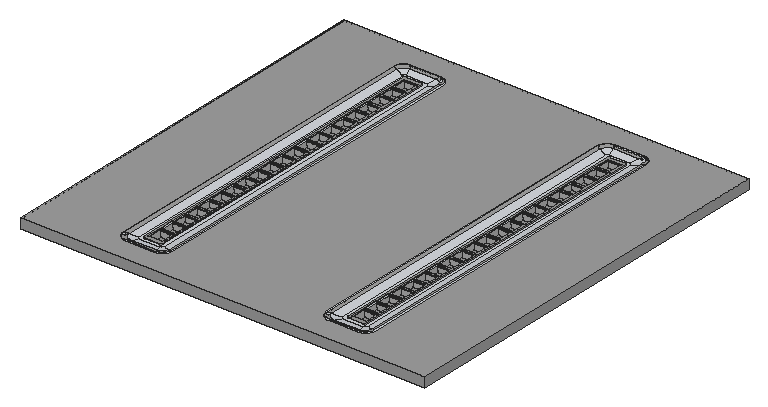
Revit family "0044008 Sylvania Lighting Fixture OptiClip 600 3000K C8 WH CC WHITE", category Lighting Fixtures, host Face, Revit 2016 (continued)
Automatic sketch dimensions
  Blend 25 sketch curve to plane 64 = 4.7 mm
  Extrusion 26 sketch curve to plane 75 = 0 mm
  Extrusion 26 sketch curve to plane 77 = 0 mm
  Extrusion 26 sketch curve to plane 76 = 0 mm
  Extrusion 26 sketch curve to plane 74 = 0 mm
  Extrusion 27 sketch curve to plane 77 = 0 mm
  Extrusion 27 sketch curve to plane 76 = 0 mm
  plane 33 to Extrusion 27 sketch curve = 4.7 mm
  Extrusion 27 sketch curve to plane 32 = 4.7 mm
  Extrusion 28 sketch curve to plane 77 = 0 mm
  Extrusion 28 sketch curve to plane 76 = 0 mm
  plane 35 to Extrusion 28 sketch curve = 4.655 mm
  Extrusion 28 sketch curve to plane 34 = 4.7 mm
  Extrusion 29 sketch curve to plane 77 = 0 mm
  Extrusion 29 sketch curve to plane 76 = 0 mm
  plane 37 to Extrusion 29 sketch curve = 4.745 mm
  Extrusion 29 sketch curve to plane 36 = 4.7 mm
  Extrusion 30 sketch curve to plane 77 = 0 mm
  Extrusion 30 sketch curve to plane 76 = 0 mm
  plane 39 to Extrusion 30 sketch curve = 4.7 mm
  Extrusion 30 sketch curve to plane 38 = 4.7 mm
  Extrusion 31 sketch curve to plane 77 = 0 mm
  Extrusion 31 sketch curve to plane 76 = 0 mm
  plane 41 to Extrusion 31 sketch curve = 4.7 mm
  Extrusion 31 sketch curve to plane 40 = 4.7 mm
  Extrusion 32 sketch curve to plane 77 = 0 mm
  Extrusion 32 sketch curve to plane 76 = 0 mm
  plane 43 to Extrusion 32 sketch curve = 4.7 mm
  Extrusion 32 sketch curve to plane 42 = 4.7 mm
  Extrusion 33 sketch curve to plane 77 = 0 mm
  Extrusion 33 sketch curve to plane 76 = 0 mm
  plane 45 to Extrusion 33 sketch curve = 4.674 mm
  Extrusion 33 sketch curve to plane 44 = 4.7 mm
  Extrusion 34 sketch curve to plane 77 = 0 mm
  Extrusion 34 sketch curve to plane 76 = 0 mm
  plane 47 to Extrusion 34 sketch curve = 4.726 mm
  Extrusion 34 sketch curve to plane 46 = 4.7 mm
  Extrusion 35 sketch curve to plane 77 = 0 mm
  Extrusion 35 sketch curve to plane 76 = 0 mm
  plane 49 to Extrusion 35 sketch curve = 4.7 mm
  Extrusion 35 sketch curve to plane 48 = 4.7 mm
  Extrusion 36 sketch curve to plane 77 = 0 mm
  Extrusion 36 sketch curve to plane 76 = 0 mm
  plane 51 to Extrusion 36 sketch curve = 4.7 mm
  Extrusion 36 sketch curve to plane 50 = 4.7 mm
  Extrusion 37 sketch curve to plane 77 = 0 mm
  Extrusion 37 sketch curve to plane 76 = 0 mm
  plane 53 to Extrusion 37 sketch curve = 4.7 mm
  Extrusion 37 sketch curve to plane 52 = 4.7 mm
  Extrusion 38 sketch curve to plane 77 = 0 mm
  Extrusion 38 sketch curve to plane 76 = 0 mm
  plane 55 to Extrusion 38 sketch curve = 4.7 mm
  Extrusion 38 sketch curve to plane 54 = 4.7 mm
  Extrusion 39 sketch curve to plane 77 = 0 mm
  Extrusion 39 sketch curve to plane 76 = 0 mm
  plane 57 to Extrusion 39 sketch curve = 4.655 mm
  Extrusion 39 sketch curve to plane 56 = 4.7 mm
  Extrusion 40 sketch curve to plane 77 = 0 mm
  Extrusion 40 sketch curve to plane 76 = 0 mm
  plane 59 to Extrusion 40 sketch curve = 4.745 mm
  Extrusion 40 sketch curve to plane 58 = 4.7 mm
  Extrusion 41 sketch curve to plane 77 = 0 mm
  Extrusion 41 sketch curve to plane 76 = 0 mm
  plane 61 to Extrusion 41 sketch curve = 4.7 mm
  Extrusion 41 sketch curve to plane 60 = 4.7 mm
  Extrusion 42 sketch curve to plane 77 = 0 mm
  Extrusion 42 sketch curve to plane 76 = 0 mm
  plane 63 to Extrusion 42 sketch curve = 4.7 mm
  Extrusion 42 sketch curve to plane 62 = 4.7 mm
  Extrusion 43 sketch curve to plane 77 = 0 mm
  Extrusion 43 sketch curve to plane 76 = 0 mm
  plane 65 to Extrusion 43 sketch curve = 4.7 mm
  Extrusion 43 sketch curve to plane 64 = 4.7 mm
  Extrusion 44 sketch curve to plane 77 = 0 mm
  Extrusion 44 sketch curve to plane 76 = 0 mm
  plane 67 to Extrusion 44 sketch curve = 4.7 mm
  Extrusion 44 sketch curve to plane 66 = 4.7 mm
  Extrusion 45 sketch curve to plane 77 = 0 mm
  Extrusion 45 sketch curve to plane 76 = 0 mm
  plane 69 to Extrusion 45 sketch curve = 4.7 mm
  Extrusion 45 sketch curve to plane 68 = 4.7 mm
  Extrusion 46 sketch curve to plane 77 = 0 mm
  Extrusion 46 sketch curve to plane 76 = 0 mm
  plane 71 to Extrusion 46 sketch curve = 4.7 mm
  Extrusion 46 sketch curve to plane 70 = 4.7 mm
  plane 25 to Blend 47 sketch curve = 2.5 mm  (x2)
  plane 3 "Center (Left/Right)" to Blend 47 sketch curve = 114 mm
  Blend 47 sketch curve to plane 24 = 1 mm
  Blend 47 sketch curve to Blend 47 sketch curve = 15 mm  (x2)
  Blend 47 sketch curve to Blend 47 sketch curve = 42 mm  (x2)
  plane 20 to Blend 47 sketch curve = 0 mm
  plane 80 to Blend 47 sketch curve = 2 mm  (x2)
  plane 3 "Center (Left/Right)" to Blend 47 sketch curve = 130.5 mm
  plane 25 to Blend 47 sketch curve = 1 mm
  Blend 47 sketch curve to plane 81 = 2.155 mm
  Blend 47 sketch curve to Blend 47 sketch curve = 4 mm
  Blend 47 sketch curve to Blend 47 sketch curve = 30.692 mm
  Blend 47 sketch curve to Blend 47 sketch curve = 0.297 mm
  Blend 47 sketch curve to plane 81 = 2.222 mm
  Blend 47 sketch curve to Blend 47 sketch curve = 3.933 mm
  plane 24 to Blend 48 sketch curve = 0 mm
  plane 22 to Blend 48 sketch curve = 0 mm
  Blend 48 sketch curve to plane 20 = 1.5 mm  (x2)
  plane 25 to Blend 48 sketch curve = 2.5 mm  (x2)
  Blend 48 sketch curve to plane 10 = 110 mm
  Blend 48 sketch curve to Blend 48 sketch curve = 42 mm
  plane 26 to Blend 48 sketch curve = 0 mm
  plane 25 to Blend 48 sketch curve = 0 mm
  Blend 48 sketch curve to plane 81 = 2.155 mm  (x2)
  Blend 48 sketch curve to plane 81 = 2.066 mm
  plane 80 to Blend 48 sketch curve = 2 mm  (x2)
  Blend 48 sketch curve to plane 10 = 126.5 mm
  Blend 48 sketch curve to Blend 48 sketch curve = 3.014 mm
  Blend 48 sketch curve to Blend 48 sketch curve = 31.034 mm
  Blend 48 sketch curve to Blend 48 sketch curve = 30.692 mm
  plane 30 to Extrusion 49 sketch curve = 0 mm
  plane 29 to Extrusion 49 sketch curve = 0 mm
  plane 3 "Center (Left/Right)" to Extrusion 49 sketch curve = 140 mm
  Extrusion 49 sketch curve to Extrusion 49 sketch curve = 22 mm
  Blend 50 sketch curve to plane 67 = 0 mm
  Blend 50 sketch curve to plane 66 = 0 mm
  Blend 50 sketch curve to plane 73 = 0 mm
  Blend 50 sketch curve to plane 72 = 0 mm
  Blend 50 sketch curve to plane 77 = 0 mm
  Blend 50 sketch curve to plane 76 = 0 mm
  plane 67 to Blend 50 sketch curve = 4.7 mm
  Blend 50 sketch curve to plane 66 = 4.7 mm
  Blend 51 sketch curve to plane 69 = 0 mm
  Blend 51 sketch curve to plane 68 = 0 mm
  Blend 51 sketch curve to plane 73 = 0 mm
  Blend 51 sketch curve to plane 72 = 0 mm
  Blend 51 sketch curve to plane 77 = 0 mm
  Blend 51 sketch curve to plane 76 = 0 mm
  plane 69 to Blend 51 sketch curve = 4.7 mm
  Blend 51 sketch curve to plane 68 = 4.7 mm
  Blend 52 sketch curve to plane 71 = 0 mm
  Blend 52 sketch curve to plane 70 = 0 mm
  Blend 52 sketch curve to plane 73 = 0 mm
  Blend 52 sketch curve to plane 72 = 0 mm
  Blend 52 sketch curve to plane 77 = 0 mm
  Blend 52 sketch curve to plane 76 = 0 mm
  plane 71 to Blend 52 sketch curve = 4.7 mm
  Blend 52 sketch curve to plane 70 = 4.7 mm
  plane 82 to Extrusion 53 sketch curve = 0 mm  (x2)
  Extrusion 53 sketch curve to plane 80 = 0 mm
  plane 81 to Extrusion 53 sketch curve = 0 mm
  plane 3 "Center (Left/Right)" to Extrusion 53 sketch curve = 137.5 mm
  Extrusion 53 sketch curve to plane 30 = 1.726 mm
  Extrusion 53 sketch curve to Extrusion 53 sketch curve = 2.284 mm
  Extrusion 53 sketch curve to Extrusion 53 sketch curve = 22 mm
  Extrusion 53 sketch curve to plane 30 = 1.536 mm
  Extrusion 53 sketch curve to Extrusion 53 sketch curve = 2.456 mm
  plane 31 to Blend 54 sketch curve = 0 mm
  Blend 54 sketch curve to plane 29 = 1.75 mm
  Blend 54 sketch curve to plane 10 = 133.539 mm
  Blend 54 sketch curve to Blend 54 sketch curve = 20.961 mm
  plane 75 to Blend 54 sketch curve = 0 mm
  plane 74 to Blend 54 sketch curve = 0 mm
  Blend 54 sketch curve to plane 10 = 138.039 mm
  Blend 54 sketch curve to Blend 54 sketch curve = 11.961 mm
  plane 33 to Blend 55 sketch curve = 0 mm
  plane 32 to Blend 55 sketch curve = 0 mm
  Blend 55 sketch curve to plane 10 = 133.539 mm
  Blend 55 sketch curve to Blend 55 sketch curve = 20.961 mm
  plane 33 to Blend 55 sketch curve = 4.7 mm
  Blend 55 sketch curve to plane 32 = 4.7 mm
  Blend 55 sketch curve to plane 10 = 138.039 mm
  Blend 55 sketch curve to Blend 55 sketch curve = 11.961 mm
  plane 34 to Blend 56 sketch curve = 0 mm
  Blend 56 sketch curve to plane 35 = 0.045 mm
  Blend 56 sketch curve to plane 10 = 133.539 mm
  Blend 56 sketch curve to Blend 56 sketch curve = 20.961 mm
  plane 35 to Blend 56 sketch curve = 4.655 mm
  Blend 56 sketch curve to plane 34 = 4.7 mm
  Blend 56 sketch curve to plane 10 = 138.039 mm
  Blend 56 sketch curve to Blend 56 sketch curve = 11.961 mm
  plane 36 to Blend 57 sketch curve = 0 mm
  plane 37 to Blend 57 sketch curve = 0.045 mm
  Blend 57 sketch curve to plane 10 = 133.539 mm
  Blend 57 sketch curve to Blend 57 sketch curve = 20.961 mm
  plane 37 to Blend 57 sketch curve = 4.745 mm
  Blend 57 sketch curve to plane 36 = 4.7 mm
  Blend 57 sketch curve to plane 10 = 138.039 mm
  Blend 57 sketch curve to Blend 57 sketch curve = 11.961 mm
  plane 39 to Blend 58 sketch curve = 0 mm
  plane 38 to Blend 58 sketch curve = 0 mm
  Blend 58 sketch curve to plane 10 = 133.539 mm
  Blend 58 sketch curve to Blend 58 sketch curve = 20.961 mm
  plane 39 to Blend 58 sketch curve = 4.7 mm
  Blend 58 sketch curve to plane 38 = 4.7 mm
  Blend 58 sketch curve to plane 10 = 138.039 mm
  Blend 58 sketch curve to Blend 58 sketch curve = 11.961 mm
  plane 41 to Blend 59 sketch curve = 0 mm
  plane 40 to Blend 59 sketch curve = 0 mm
  Blend 59 sketch curve to plane 10 = 133.539 mm
  Blend 59 sketch curve to Blend 59 sketch curve = 20.961 mm
  plane 41 to Blend 59 sketch curve = 4.7 mm
  Blend 59 sketch curve to plane 40 = 4.7 mm
  Blend 59 sketch curve to plane 10 = 138.039 mm
  Blend 59 sketch curve to Blend 59 sketch curve = 11.961 mm
  plane 43 to Blend 60 sketch curve = 0 mm
  plane 42 to Blend 60 sketch curve = 0 mm
  Blend 60 sketch curve to plane 10 = 133.539 mm
  Blend 60 sketch curve to Blend 60 sketch curve = 20.961 mm
  plane 43 to Blend 60 sketch curve = 4.7 mm
  Blend 60 sketch curve to plane 42 = 4.7 mm
  Blend 60 sketch curve to plane 10 = 138.039 mm
  Blend 60 sketch curve to Blend 60 sketch curve = 11.961 mm
  plane 44 to Blend 61 sketch curve = 0 mm
  Blend 61 sketch curve to plane 45 = 0.026 mm
  Blend 61 sketch curve to plane 10 = 133.539 mm
  Blend 61 sketch curve to Blend 61 sketch curve = 20.961 mm
  plane 45 to Blend 61 sketch curve = 4.674 mm
  Blend 61 sketch curve to plane 44 = 4.7 mm
  Blend 61 sketch curve to plane 10 = 138.039 mm
  Blend 61 sketch curve to Blend 61 sketch curve = 11.961 mm
  plane 46 to Blend 62 sketch curve = 0 mm
  plane 47 to Blend 62 sketch curve = 0.026 mm
  Blend 62 sketch curve to plane 10 = 133.539 mm
  Blend 62 sketch curve to Blend 62 sketch curve = 20.961 mm
  plane 47 to Blend 62 sketch curve = 4.726 mm
  Blend 62 sketch curve to plane 46 = 4.7 mm
  Blend 62 sketch curve to plane 10 = 138.039 mm
  Blend 62 sketch curve to Blend 62 sketch curve = 11.961 mm
  plane 49 to Blend 63 sketch curve = 0 mm
  plane 48 to Blend 63 sketch curve = 0 mm
  Blend 63 sketch curve to plane 10 = 133.539 mm
  Blend 63 sketch curve to Blend 63 sketch curve = 20.961 mm
  plane 49 to Blend 63 sketch curve = 4.7 mm
  Blend 63 sketch curve to plane 48 = 4.7 mm
  Blend 63 sketch curve to plane 10 = 138.039 mm
  Blend 63 sketch curve to Blend 63 sketch curve = 11.961 mm
  plane 51 to Blend 64 sketch curve = 0 mm
  plane 50 to Blend 64 sketch curve = 0 mm
  Blend 64 sketch curve to plane 10 = 133.539 mm
  Blend 64 sketch curve to Blend 64 sketch curve = 20.961 mm
  plane 51 to Blend 64 sketch curve = 4.7 mm
  Blend 64 sketch curve to plane 50 = 4.7 mm
  Blend 64 sketch curve to plane 10 = 138.039 mm
  Blend 64 sketch curve to Blend 64 sketch curve = 11.961 mm
  plane 53 to Blend 65 sketch curve = 0 mm
  plane 52 to Blend 65 sketch curve = 0 mm
  Blend 65 sketch curve to plane 10 = 133.539 mm
  Blend 65 sketch curve to Blend 65 sketch curve = 20.961 mm
  plane 53 to Blend 65 sketch curve = 4.7 mm
  Blend 65 sketch curve to plane 52 = 4.7 mm
  Blend 65 sketch curve to plane 10 = 138.039 mm
  Blend 65 sketch curve to Blend 65 sketch curve = 11.961 mm
  plane 55 to Blend 66 sketch curve = 0 mm
  plane 54 to Blend 66 sketch curve = 0 mm
  Blend 66 sketch curve to plane 10 = 133.539 mm
  Blend 66 sketch curve to Blend 66 sketch curve = 20.961 mm
  plane 55 to Blend 66 sketch curve = 4.7 mm
  Blend 66 sketch curve to plane 54 = 4.7 mm
  Blend 66 sketch curve to plane 10 = 138.039 mm
  Blend 66 sketch curve to Blend 66 sketch curve = 11.961 mm
  plane 56 to Blend 67 sketch curve = 0 mm
  Blend 67 sketch curve to plane 57 = 0.045 mm
  Blend 67 sketch curve to plane 10 = 133.539 mm
  Blend 67 sketch curve to Blend 67 sketch curve = 20.961 mm
  plane 57 to Blend 67 sketch curve = 4.655 mm
  Blend 67 sketch curve to plane 56 = 4.7 mm
  Blend 67 sketch curve to plane 10 = 138.039 mm
  Blend 67 sketch curve to Blend 67 sketch curve = 11.961 mm
  plane 58 to Blend 68 sketch curve = 0 mm
  plane 59 to Blend 68 sketch curve = 0.045 mm
  Blend 68 sketch curve to plane 10 = 133.539 mm
  Blend 68 sketch curve to Blend 68 sketch curve = 20.961 mm
  plane 59 to Blend 68 sketch curve = 4.745 mm
  Blend 68 sketch curve to plane 58 = 4.7 mm
  Blend 68 sketch curve to plane 10 = 138.039 mm
  Blend 68 sketch curve to Blend 68 sketch curve = 11.961 mm
  plane 61 to Blend 69 sketch curve = 0 mm
  plane 60 to Blend 69 sketch curve = 0 mm
  Blend 69 sketch curve to plane 10 = 133.539 mm
  Blend 69 sketch curve to Blend 69 sketch curve = 20.961 mm
  plane 61 to Blend 69 sketch curve = 4.7 mm
  Blend 69 sketch curve to plane 60 = 4.7 mm
  Blend 69 sketch curve to plane 10 = 138.039 mm
  Blend 69 sketch curve to Blend 69 sketch curve = 11.961 mm
  plane 63 to Blend 70 sketch curve = 0 mm
  plane 62 to Blend 70 sketch curve = 0 mm
  Blend 70 sketch curve to plane 10 = 133.539 mm
  Blend 70 sketch curve to Blend 70 sketch curve = 20.961 mm
  plane 63 to Blend 70 sketch curve = 4.7 mm
  Blend 70 sketch curve to plane 62 = 4.7 mm
  Blend 70 sketch curve to plane 10 = 138.039 mm
  Blend 70 sketch curve to Blend 70 sketch curve = 11.961 mm
  plane 65 to Blend 71 sketch curve = 0 mm
  plane 64 to Blend 71 sketch curve = 0 mm
  Blend 71 sketch curve to plane 10 = 133.539 mm
  Blend 71 sketch curve to Blend 71 sketch curve = 20.961 mm
  plane 65 to Blend 71 sketch curve = 4.7 mm
  Blend 71 sketch curve to plane 64 = 4.7 mm
  Blend 71 sketch curve to plane 10 = 138.039 mm
  Blend 71 sketch curve to Blend 71 sketch curve = 11.961 mm
  plane 67 to Blend 72 sketch curve = 0 mm
  plane 66 to Blend 72 sketch curve = 0 mm
  Blend 72 sketch curve to plane 10 = 133.539 mm
  Blend 72 sketch curve to Blend 72 sketch curve = 20.961 mm
  plane 67 to Blend 72 sketch curve = 4.7 mm
  Blend 72 sketch curve to plane 66 = 4.7 mm
  Blend 72 sketch curve to plane 10 = 138.039 mm
  Blend 72 sketch curve to Blend 72 sketch curve = 11.961 mm
  plane 69 to Blend 73 sketch curve = 0 mm
  plane 68 to Blend 73 sketch curve = 0 mm
  Blend 73 sketch curve to plane 10 = 133.539 mm
  Blend 73 sketch curve to Blend 73 sketch curve = 20.961 mm
  plane 69 to Blend 73 sketch curve = 4.7 mm
  Blend 73 sketch curve to plane 68 = 4.7 mm
  Blend 73 sketch curve to plane 10 = 138.039 mm
  Blend 73 sketch curve to Blend 73 sketch curve = 11.961 mm
  plane 71 to Blend 74 sketch curve = 0 mm
  plane 70 to Blend 74 sketch curve = 0 mm
  Blend 74 sketch curve to plane 10 = 133.539 mm
  Blend 74 sketch curve to Blend 74 sketch curve = 20.961 mm
  plane 71 to Blend 74 sketch curve = 4.7 mm
  Blend 74 sketch curve to plane 70 = 4.7 mm
  Blend 74 sketch curve to plane 10 = 138.039 mm
  Blend 74 sketch curve to Blend 74 sketch curve = 11.961 mm
  plane 75 to Extrusion 75 sketch curve = 0 mm
  plane 74 to Extrusion 75 sketch curve = 0 mm
  plane 3 "Center (Left/Right)" to Extrusion 75 sketch curve = 145 mm
  Extrusion 75 sketch curve to Extrusion 75 sketch curve = 11.961 mm
  plane 33 to Extrusion 76 sketch curve = 4.7 mm
  plane 3 "Center (Left/Right)" to Extrusion 76 sketch curve = 145 mm
  Extrusion 76 sketch curve to Extrusion 76 sketch curve = 11.961 mm
  Extrusion 76 sketch curve to plane 32 = 4.7 mm
  plane 35 to Extrusion 77 sketch curve = 4.655 mm
  plane 3 "Center (Left/Right)" to Extrusion 77 sketch curve = 145 mm
  Extrusion 77 sketch curve to Extrusion 77 sketch curve = 11.961 mm
  Extrusion 77 sketch curve to plane 34 = 4.7 mm
  plane 37 to Extrusion 78 sketch curve = 4.745 mm
  plane 3 "Center (Left/Right)" to Extrusion 78 sketch curve = 145 mm
  Extrusion 78 sketch curve to Extrusion 78 sketch curve = 11.961 mm
  Extrusion 78 sketch curve to plane 36 = 4.7 mm
  plane 39 to Extrusion 79 sketch curve = 4.7 mm
  plane 3 "Center (Left/Right)" to Extrusion 79 sketch curve = 145 mm
  Extrusion 79 sketch curve to Extrusion 79 sketch curve = 11.961 mm
  Extrusion 79 sketch curve to plane 38 = 4.7 mm
  plane 41 to Extrusion 80 sketch curve = 4.7 mm
  plane 3 "Center (Left/Right)" to Extrusion 80 sketch curve = 145 mm
  Extrusion 80 sketch curve to Extrusion 80 sketch curve = 11.961 mm
  Extrusion 80 sketch curve to plane 40 = 4.7 mm
  plane 43 to Extrusion 81 sketch curve = 4.7 mm
  plane 3 "Center (Left/Right)" to Extrusion 81 sketch curve = 145 mm
  Extrusion 81 sketch curve to Extrusion 81 sketch curve = 11.961 mm
  Extrusion 81 sketch curve to plane 42 = 4.7 mm
  plane 45 to Extrusion 82 sketch curve = 4.674 mm
  plane 3 "Center (Left/Right)" to Extrusion 82 sketch curve = 145 mm
  Extrusion 82 sketch curve to Extrusion 82 sketch curve = 11.961 mm
  Extrusion 82 sketch curve to plane 44 = 4.7 mm
  plane 47 to Extrusion 83 sketch curve = 4.726 mm
  plane 3 "Center (Left/Right)" to Extrusion 83 sketch curve = 145 mm
  Extrusion 83 sketch curve to Extrusion 83 sketch curve = 11.961 mm
  Extrusion 83 sketch curve to plane 46 = 4.7 mm
  plane 49 to Extrusion 84 sketch curve = 4.7 mm
  plane 3 "Center (Left/Right)" to Extrusion 84 sketch curve = 145 mm
  Extrusion 84 sketch curve to Extrusion 84 sketch curve = 11.961 mm
  Extrusion 84 sketch curve to plane 48 = 4.7 mm
  plane 51 to Extrusion 85 sketch curve = 4.7 mm
  plane 3 "Center (Left/Right)" to Extrusion 85 sketch curve = 145 mm
  Extrusion 85 sketch curve to Extrusion 85 sketch curve = 11.961 mm
  Extrusion 85 sketch curve to plane 50 = 4.7 mm
  plane 53 to Extrusion 86 sketch curve = 4.7 mm
  plane 3 "Center (Left/Right)" to Extrusion 86 sketch curve = 145 mm
  Extrusion 86 sketch curve to Extrusion 86 sketch curve = 11.961 mm
  Extrusion 86 sketch curve to plane 52 = 4.7 mm
  plane 55 to Extrusion 87 sketch curve = 4.7 mm
  plane 3 "Center (Left/Right)" to Extrusion 87 sketch curve = 145 mm
  Extrusion 87 sketch curve to Extrusion 87 sketch curve = 11.961 mm
  Extrusion 87 sketch curve to plane 54 = 4.7 mm
  plane 57 to Extrusion 88 sketch curve = 4.655 mm
  plane 3 "Center (Left/Right)" to Extrusion 88 sketch curve = 145 mm
  Extrusion 88 sketch curve to Extrusion 88 sketch curve = 11.961 mm
  Extrusion 88 sketch curve to plane 56 = 4.7 mm
  plane 59 to Extrusion 89 sketch curve = 4.745 mm
  plane 3 "Center (Left/Right)" to Extrusion 89 sketch curve = 145 mm
  Extrusion 89 sketch curve to Extrusion 89 sketch curve = 11.961 mm
  Extrusion 89 sketch curve to plane 58 = 4.7 mm
  plane 61 to Extrusion 90 sketch curve = 4.7 mm
  plane 3 "Center (Left/Right)" to Extrusion 90 sketch curve = 145 mm
  Extrusion 90 sketch curve to Extrusion 90 sketch curve = 11.961 mm
  Extrusion 90 sketch curve to plane 60 = 4.7 mm
  plane 63 to Extrusion 91 sketch curve = 4.7 mm
  plane 3 "Center (Left/Right)" to Extrusion 91 sketch curve = 145 mm
  Extrusion 91 sketch curve to Extrusion 91 sketch curve = 11.961 mm
  Extrusion 91 sketch curve to plane 62 = 4.7 mm
  plane 65 to Extrusion 92 sketch curve = 4.7 mm
  plane 3 "Center (Left/Right)" to Extrusion 92 sketch curve = 145 mm
  Extrusion 92 sketch curve to Extrusion 92 sketch curve = 11.961 mm
  Extrusion 92 sketch curve to plane 64 = 4.7 mm
  plane 67 to Extrusion 93 sketch curve = 4.7 mm
  plane 3 "Center (Left/Right)" to Extrusion 93 sketch curve = 145 mm
  Extrusion 93 sketch curve to Extrusion 93 sketch curve = 11.961 mm
  Extrusion 93 sketch curve to plane 66 = 4.7 mm
  plane 69 to Extrusion 94 sketch curve = 4.7 mm
  plane 3 "Center (Left/Right)" to Extrusion 94 sketch curve = 145 mm
  Extrusion 94 sketch curve to Extrusion 94 sketch curve = 11.961 mm
  Extrusion 94 sketch curve to plane 68 = 4.7 mm
  plane 71 to Extrusion 95 sketch curve = 4.7 mm
  plane 3 "Center (Left/Right)" to Extrusion 95 sketch curve = 145 mm
  Extrusion 95 sketch curve to Extrusion 95 sketch curve = 11.961 mm
  Extrusion 95 sketch curve to plane 70 = 4.7 mm
  Extrusion 96 sketch curve to plane 7 = 0 mm
  plane 8 to Extrusion 96 sketch curve = 0 mm
  plane 6 to Extrusion 96 sketch curve = 0 mm
  plane 5 to Extrusion 96 sketch curve = 0 mm
Connectors
  electrical at (0, 0, -1.008)
    settings: on cut or joined group of Extrusion 2, Extrusion 3, Blend 5, Blend 48, index 1, voltage 0 V, apparent load 0 VA, apparent load phase1 0 VA, apparent load phase2 0 VA, apparent load phase3 0 VA, power factor 1, load classification "Other", number of poles 1, system type 31, power factor state 1, is connector primary yes, connector utility no, sub classification motor no, connector description ""
